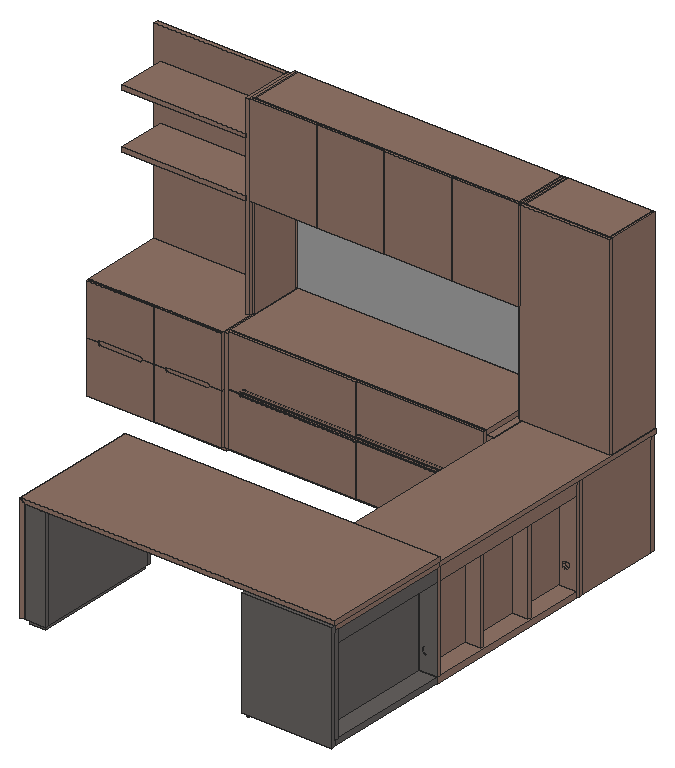
Revit family "T100046", category Furniture, Revit 2022 (continued)
Definition of nested family "OFS SLATE TACKBOARDS"
  Types (18): name | Width | Model | Height | Description | 2 Piece | 1 Piece
    Tackboard 108W x 25D | 9' - 0" | "CA-10825HFT" | 2' - 1" | "OFS SLATE Inside Back Panel, Fabric Tackboard, 104.50W x 25D x 0,5H, Slate Private Office" | yes | no
    Tackboard 102W x 25D | 8' - 6" | "CA-10225HFT" | 2' - 1" | "OFS SLATE Inside Back Panel, Fabric Tackboard, 98.50W x 25D x 0,5H, Slate Private Office" | yes | no
    Tackboard 96W x 25D | 8' - 0" | "CA-9625HFT" | 2' - 1" | "OFS SLATE Inside Back Panel, Fabric Tackboard, 92.50W x 25D x 0,5H, Slate Private Office" | no | yes
    Tackboard 90W x 25D | 7' - 6" | "CA-9025HFT" | 2' - 1" | "OFS SLATE Inside Back Panel, Fabric Tackboard, 86.50W x 25D x 0,5H, Slate Private Office" | no | yes
    Tackboard 84W x 25D | 7' - 0" | "CA-8425HFT" | 2' - 1" | "OFS SLATE Inside Back Panel, Fabric Tackboard, 80.50W x 25D x 0,5H, Slate Private Office" | no | yes
    Tackboard 78W x 25D | 6' - 6" | "CA-7825HFT" | 2' - 1" | "OFS SLATE Inside Back Panel, Fabric Tackboard, 74.50W x 25D x 0,5H, Slate Private Office" | no | yes
    Tackboard 72W x 25D | 6' - 0" | "CA-7225HFT" | 2' - 1" | "OFS SLATE Inside Back Panel, Fabric Tackboard, 68.50W x 25D x 0,5H, Slate Private Office" | no | yes
    Tackboard 66W x 25D | 5' - 6" | "CA-6625HFT" | 2' - 1" | "OFS SLATE Inside Back Panel, Fabric Tackboard, 62.50W x 25D x 0,5H, Slate Private Office" | no | yes
    Tackboard 60W x 25D | 5' - 0" | "CA-6025HFT" | 2' - 1" | "OFS SLATE Inside Back Panel, Fabric Tackboard, 56.50W x 25D x 0,5H, Slate Private Office" | no | yes
    Tackboard 108W x 19D | 9' - 0" | "CA-10819HFT" | 1' - 7" | "OFS SLATE Inside Back Panel, Fabric Tackboard, 104.50W x 19D x 0,5H, Slate Private Office" | yes | no
    Tackboard 102W x 19D | 8' - 6" | "CA-10219HFT" | 1' - 7" | "OFS SLATE Inside Back Panel, Fabric Tackboard, 98.50W x 19D x 0,5H, Slate Private Office" | yes | no
    Tackboard 96W x 19D | 8' - 0" | "CA-9619HFT" | 1' - 7" | "OFS SLATE Inside Back Panel, Fabric Tackboard, 92.50W x 19D x 0,5H, Slate Private Office" | no | yes
    Tackboard 90W x 19D | 7' - 6" | "CA-9019HFT" | 1' - 7" | "OFS SLATE Inside Back Panel, Fabric Tackboard, 86.50W x 19D x 0,5H, Slate Private Office" | no | yes
    Tackboard 84W x 19D | 7' - 0" | "CA-8419HFT" | 1' - 7" | "OFS SLATE Inside Back Panel, Fabric Tackboard, 80.50W x 19D x 0,5H, Slate Private Office" | no | yes
    Tackboard 78W x 19D | 6' - 6" | "CA-7819HFT" | 1' - 7" | "OFS SLATE Inside Back Panel, Fabric Tackboard, 74.50W x 19D x 0,5H, Slate Private Office" | no | yes
    Tackboard 72W x 19D | 6' - 0" | "CA-7219HFT" | 1' - 7" | "OFS SLATE Inside Back Panel, Fabric Tackboard, 68.50W x 19D x 0,5H, Slate Private Office" | no | yes
    Tackboard 66W x 19D | 5' - 6" | "CA-6619HFT" | 1' - 7" | "OFS SLATE Inside Back Panel, Fabric Tackboard, 62.50W x 19D x 0,5H, Slate Private Office" | no | yes
    Tackboard 60W x 19D | 5' - 0" | "CA-6019HFT" | 1' - 7" | "OFS SLATE Inside Back Panel, Fabric Tackboard, 56.50W x 19D x 0,5H, Slate Private Office" | no | yes
  Reference planes (in)
    plane 1 "Center (Front/Back)": y = 0
    plane 2: z = 0
    plane 3 "Center (Left/Right)": x = 0
    plane 4: x = 51
    plane 5: x = 1.8125
    plane 6: x = 100.1875
    plane 7: x = 102
    plane 8: z = 30.5
    plane 9: z = 49.5
  Forms (in)
    Extrusion 1, solid, material <- "Board", visible <- "1 Piece"
      sketch origin (1.8125, -1.1875, 47.24409) x (0, -1, 0) y (0, 0, 1)
        loop
          line (-0.4375, 2.25591) -> (-0.4375, -16.74409) -> (0, -16.74409) -> (0, 2.25591) -> (-0.4375, 2.25591)
      from 0 to -98.375
    Extrusion 2, solid, material <- "Board", visible <- "2 Piece"
      sketch origin (1.8125, -1.1875, 47.24409) x (0, -1, 0) y (0, 0, 1)
        loop
          line (-0.4375, 2.25591) -> (-0.4375, -16.74409) -> (0, -16.74409) -> (0, 2.25591) -> (-0.4375, 2.25591)
      from 0 to -49.1875
    Extrusion 3, solid, material <- "Board", visible <- "2 Piece"
      sketch origin (58.1875, -1.1875, 47.24409) x (0, -1, 0) y (0, 0, -1)
        loop
          line (-0.4375, -2.25591) -> (0, -2.25591) -> (0, 16.74409) -> (-0.4375, 16.74409) -> (-0.4375, -2.25591)
      from 42 to -7.1875
  Lines and regions (in)
    Masking region 1
      outline origin (71.16612, -60, 49.5) x (0, -1, 0) y (1, 0, 0)
        loop
          line (-59.25, -69.35362) -> (-58.8125, -69.35362) -> (-58.8125, 29.02138) -> (-59.25, 29.02138) -> (-59.25, -69.35362)
    symbolic lines, visible <- "2 Piece", detail levels medium+fine
      curve 1: line (51, -1.1875, 49.5) -> (51, -0.75, 49.5)
  Dimensions and locks (in)
    locked: plane 3 "Center (Left/Right)" to plane 5 at 1.8125
    locked: plane 6 to plane 7 at 1.8125
    "Width": plane 3 "Center (Left/Right)" to plane 7
    equal spacing: plane 5, plane 4, plane 6
    "Elevation": plane 8 to level
    "Height": plane 9 to plane 8
    aligned and locked: level to plane 2
    aligned and locked: plane 8 to Extrusion 1 sketch curve
    aligned and locked: plane 9 to Extrusion 1 sketch curve
    aligned and locked: plane 6 to Extrusion 1
    aligned and locked: Extrusion 2 sketch curve to Extrusion 1  (x2)
    aligned and locked: Extrusion 2 to plane 4
    aligned and locked: plane 4 to Extrusion 3
    aligned and locked: plane 6 to Extrusion 3
    aligned and locked: plane 9 to Extrusion 3 sketch curve
    aligned and locked: plane 8 to Extrusion 3 sketch curve
    aligned and locked: nested 1 to Extrusion 3
    aligned and locked: plane 4 to nested 1
    aligned and locked: Masking region 1 sketch curve to Extrusion 1  (x2)
    aligned and locked: plane 4 to curve 1
  Automatic sketch dimensions
    plane 1 "Center (Front/Back)" to Extrusion 1 sketch curve = 0' - 0 3/4"
    Extrusion 1 sketch curve to Extrusion 1 sketch curve = 0' - 0 7/16"
    plane 1 "Center (Front/Back)" to Extrusion 2 sketch curve = 0' - 0 3/4"
    Extrusion 2 sketch curve to Extrusion 2 sketch curve = 0' - 0 7/16"
    plane 1 "Center (Front/Back)" to Extrusion 3 sketch curve = 0' - 0 3/4"
    Extrusion 3 sketch curve to Extrusion 3 sketch curve = 0' - 0 7/16"
    plane 1 "Center (Front/Back)" to Masking region 1 sketch curve = 0' - 0 3/4"
    Masking region 1 sketch curve to Masking region 1 sketch curve = 0' - 0 7/16"
    plane 1 "Center (Front/Back)" to curve 1 = 0' - 0 3/4"
    plane 1 "Center (Front/Back)" to curve 1 = 0' - 1 3/16"
  Nested families (in)
    nested 1: "Tag" at (51, -1.1875, 0), type "Center", detail levels fine
      with Offset (LR) 0' - 0", Distance of Center (not Change) 0' - 0.11"
  Definition of nested family "Tag"
    Parameters
      P_Width = 0' - 0"
      Text_Width = "Empty"
      Text_Height = "Empty"
      Text_Diameter = "Empty"
      Text_Depth = "Empty"
      Offset (LR) [instance] = 0' - 0"
      Model Name = "Type Catalog"
      P_Height = 0' - 0"
      Distance of Center (not Change) = 0' - 0.1"
      P_Diameter = 0' - 0"
      P_Depth = 0' - 0"
    Reference planes (in)
      plane 1: y = 0
      plane 2: x = 0
    Lines and regions (in)
      reference lines
        curve 1: line (-0.44359, 0.1, 0) -> (0.41085, 0.1, 0)
        curve 3: line (0, 0.42564, 0) -> (0, -0.30221, 0)
      reference lines, not visible
        curve 2: line (-0.44359, 0.09843, 0) -> (0.41085, 0.09843, 0)
        curve 4: line (0, 0.42407, 0) -> (0, -0.30379, 0)
    Text (in)
      label "Empty" at (0.00197, 0.0921, 0), shows "Model Name"
      label "Empty" at (0.00197, 0.09052, 0), shows "Model Name", not visible
    Dimensions and locks (in)
      "Distance of Center (not Change)": plane 1 to curve 1
      "Offset (LR)": curve 3 to plane 2
    Automatic sketch dimensions
      curve 1 to curve 3 = 0' - 0.44359"
      curve 3 to curve 1 = 0' - 0.41085"
      curve 3 to curve 1 = 0' - 0.40221"
      curve 1 to curve 3 = 0' - 0.32564"
      curve 2 to curve 4 = 0' - 0.44359"
      curve 4 to curve 2 = 0' - 0.41085"
      curve 4 to curve 2 = 0' - 0.40221"
      curve 2 to curve 4 = 0' - 0.32564"
Definition of nested family "OFS SLATE CREDENZAS"
  Parameters (values of type "108"W Overlay Lateral File")
    Width = 9' - 0"
    URL = "http://www.ofs.com/"
    Type = 4
    Top [instance] = none
    Panel [instance] = none
    Model = "CA-A10825CLF6"
    Manufacturer = "CAROLINA"
    Glides [instance] = none
    Drawers [instance] = none
    Description = "OFS SLATE Credenza Overlay Lateral File 6 Drawers, 108W x 25.50D x 20.5H, Slate Private Office"
    Default Elevation = 0' - 0"
    Copyright © = "© 2019 OFS"
    Catalog = "https://ofs.com/products/casegoods/private-office/slate"
    Case [instance] = none
    Base [instance] = none
    Authoring Version = "Autodesk Revit Architecture 2014"
    Assembly Code = "E2020200"
  Types (19): name | Width | Type | Model | Description
    108"W Overlay Lateral File/Doors | 9' - 0" | 5 | "CA-A10825CLFC4" | "OFS SLATE Credenza Overlay Lateral File/Doors 4 Drawers, 108W x 25.50D x 30.5H, Slate Private Office"
    90"W Overlay Lateral File/Doors | 7' - 6" | 5 | "CA-A9025CLFC4" | "OFS SLATE Credenza Overlay Lateral File/Doors 4 Drawers, 90W x 25.50D x 30.5H, Slate Private Office"
    72"W Overlay Lateral File/Doors | 6' - 0" | 5 | "CA-A7225CLFC2" | "OFS SLATE Credenza Overlay Lateral File/Doors 2 Drawers, 72W x 25.50D x 30.5H, Slate Private Office"
    60"W Overlay Lateral File/Doors | 5' - 0" | 5 | "CA-A6025CLFC2" | "OFS SLATE Credenza Overlay Lateral File/Doors 2 Drawers, 60W x 25.50D x 30.5H, Slate Private Office"
    108"W Overlay Lateral File | 9' - 0" | 4 | "CA-A10825CLF6" | "OFS SLATE Credenza Overlay Lateral File 6 Drawers, 108W x 25.50D x 20.5H, Slate Private Office"
    90"W Overlay Lateral File | 7' - 6" | 4 | "CA-A9025CLF6" | "OFS SLATE Credenza Overlay Lateral File 6 Drawers, 90W x 25.50D x 20.5H, Slate Private Office"
    72"W Overlay Lateral File | 6' - 0" | 4 | "CA-A7225CLF4" | "OFS SLATE Credenza Overlay Lateral File 4 Drawers, 72W x 25.50D x 20.5H, Slate Private Office"
    60"W Overlay Lateral File | 5' - 0" | 4 | "CA-A6025CLF4" | "OFS SLATE Credenza Overlay Lateral File 4 Drawers, 60W x 25.50D x 20.5H, Slate Private Office"
    36"W Overlay Lateral File | 3' - 0" | 4 | "CA-A3625CLF2" | "OFS SLATE Credenza Overlay Lateral File 2 Drawers, 36W x 25.50D x 20.5H, Slate Private Office"
    30"W Overlay Lateral File | 2' - 6" | 4 | "CA-A3025CLF2" | "OFS SLATE Credenza Overlay Lateral File 2 Drawers, 30W x 25.50D x 20.5H, Slate Private Office"
    72"W Lateral File/Cabinet | 6' - 0" | 3 | "CA-7224CLFC2-2" | "OFS SLATE Credenza Lateral File/Babinet, 72W x 24.75D x 29,25H, Slate Private Office"
    66"W Lateral File/Cabinet | 5' - 6" | 3 | "CA-6624CLFC2-2" | "OFS SLATE Credenza Lateral File/Babinet, 66W x 24.75D x 29,25H, Slate Private Office"
    72"W Lateral File | 6' - 0" | 2 | "CA-7224CLF4-2" | "OFS SLATE Credenza Lateral File, 72W x 24.75D x 29,25H, Slate Private Office"
    60"W Lateral File | 5' - 0" | 2 | "CA-6024CLF4-2" | "OFS SLATE Credenza Lateral File, 60W x 24.75D x 29,25H, Slate Private Office"
    36"W Lateral File | 3' - 0" | 2 | "CA-3624CLF2-2" | "OFS SLATE Credenza Lateral File, 36W x 24.75D x 29,25H, Slate Private Office"
    30"W Lateral File | 2' - 6" | 2 | "CA-3024CLF2-2" | "OFS SLATE Credenza Lateral File, 30W x 24.75D x 29,25H, Slate Private Office"
    72"W Double Pedestal | 6' - 0" | 1 | "CA-7224CR-2" | "OFS SLATE Credenza Double Pedestal, 72W x 24.75D x 29,25H, Slate Private Office"
    66"W Double Pedestal | 5' - 6" | 1 | "CA-6624CR-2" | "OFS SLATE Credenza Double Pedestal, 66W x 24.75D x 29,25H, Slate Private Office"
    60"W Double Pedestal | 5' - 0" | 1 | "CA-6024CR-2" | "OFS SLATE Credenza Double Pedestal, 60W x 24.75D x 29,25H, Slate Private Office"
  Reference planes (in)
    plane 1 "Center (Front/Back)": y = 0
    plane 2: z = 0
    plane 3 "Center (Left/Right)": x = 0
    plane 4: x = 108
    plane 5: y = -24.83728
    plane 6: x = 54
  Dimensions and locks (in)
    "Width": plane 3 "Center (Left/Right)" to plane 4
    equal spacing: plane 3 "Center (Left/Right)", plane 6, plane 4
    aligned and locked: level to plane 2
    aligned and locked: plane 6 to nested 1
    aligned and locked: plane 5 to nested 1
  Nested families (in)
    nested 1: "Tag" at (54, -24.83728, 0), type "Center", detail levels fine
      with Offset (LR) 0' - 0", Distance of Center (not Change) 0' - 0.12"
    nested 2: "OFS_Slate Private Office_Credenzas_Double Pedestal" at (0, 0, 0), Top <- "Top", Panel <- "Panel", Glides <- "Glides", Drawers <- "Drawers", Case <- "Case", Base <- "Base", Width <- "Width", Type <- "Type", type "OFS_Slate Private Office_Credenzas_Double Pedestal"
      with Width 1 9' - 0", Width 9' - 0", Type 4, Top none, Panel none, Glides none, Drawers none, Double Pedestal no, Case none, Base none
    nested 3: "OFS_Slate Private Office_Credenzas_Lateral File Cabinet" at (0, 0, 0), Top <- "Top", Glides <- "Glides", Drawers <- "Drawers", Case <- "Case", Base <- "Base", Width <- "Width", type "OFS_Slate Private Office_Credenzas_Lateral File Cabinet"
      with Width 1 9' - 0", Width 9' - 0", Top none, Length 2' - 4.755", Glides none, Drawers none, Case none, Base none, Type 4, Lateral File/Cabinet no
    nested 4: "OFS_Slate Private Office_Credenzas_Lateral File" at (0, 0, 0), Top <- "Top", Glides <- "Glides", Drawers <- "Drawers", Case <- "Case", Base <- "Base", Width <- "Width", type "OFS_Slate Private Office_Credenzas_Lateral File"
      with Width 9' - 0", Top none, Length 3 9' - 3", Length 2 2' - 4.692", Length 1 4' - 6", Glides none, Drawers none, Case none, Base none, Type 4, Lateral File no
    nested 5: "OFS_Slate Private Office_Credenzas_Overlay Lateral File Doors" at (0, 0, 0), Top <- "Top", Panel <- "Panel", Glides <- "Glides", Drawers <- "Drawers", Case <- "Case", Base <- "Base", Width <- "Width", type "OFS_Slate Private Office_Credenzas_Overlay Lateral File Doors"
      with Width 1 9' - 0", Width 9' - 0", Top none, Panel none, Length 2 1' - 5 7/8", Length 1 2' - 3.005", Lateral Drawers no, Glides none, Drawers none, Case none, Base none, 4 Drawers no, 2 Drawers no, Type 4, Overlay Lateral File no
    nested 6: "OFS_Slate Private Office_Credenzas_Overlay Lateral File" at (0, 0, 0), Top <- "Top", Panel <- "Panel", Glides <- "Glides", Drawers <- "Drawers", Case <- "Case", Base <- "Base", Width <- "Width", type "OFS_Slate Private Office_Credenzas_Overlay Lateral File"
      with Width 9' - 0", Top none, Panel none, Length 2 1' - 5 7/8", Length 1 2' - 3.005", Glides none, Drawers none, Case none, Base none, 6 Drawers yes, 4 Drawers no, 2 Drawers no
  Definition of nested family "OFS_Slate Private Office_Credenzas_Overlay Lateral File"
    Parameters
      Width [instance] = 2' - 6"
      URL = "http://www.ofsbrands.com/"
      Type = 4
      Top [instance] = none
      Panel [instance] = none
      Model = "Type Catalog"
      Manufacturer = "OFS BRANDS"  # constant formula
      Length 2 [instance] = if(and(Type = 4, Width < 5' 0"), 0' 0.063", 1' 5 7/8")  # 0' - 0.063"
      Length 1 [instance] = if(and(Type = 4, Width = 2' 6"), 1' 7.255", if(and(Type = 4, Width = 3' 0"), 2' 1.255", if(and(Type = 4, Width = 5' 0"), 1' 1.255", if(and(Type = 4, Width = 6' 0"), 2' 1.255", if(and(Type = 4, Width = 7' 6"), 1' 6.005", 2' 3.005")))))  # 1' - 7.255"
      Overlay Lateral File = Type = 4  # yes
      Glides [instance] = none
      Drawers [instance] = none
      Description = "Type Catalog"
      Default Elevation = 0' - 0"
      Copyright © = "© 2016 OFS BRANDS"  # constant formula
      Catalog = "OFS"  # constant formula
      Case [instance] = none
      Base [instance] = none
      Authoring Version = "Autodesk Revit Architecture 2014"  # constant formula
      Assembly Code = "E2020200"
      6 Drawers [instance] = and(Type = 4, Width > 6' 0")  # no
      4 Drawers [instance] = and(Type = 4, Width > 3' 0", Width < 7' 6")  # no
      2 Drawers [instance] = and(Type = 4, Width < 5' 0")  # yes
    Reference planes (in)
      plane 1 "Center (Front/Back)": y = 0
      plane 2: z = 0
      plane 3 "Center (Left/Right)": x = 0
      plane 4: x = 29.25
      plane 5: x = 30
      plane 6: x = 0.75
      plane 7: y = -24
      plane 8: y = -25.58661
      plane 9: y = -23.125
      plane 10: x = 0.125
      plane 11: x = 29.875
      plane 12: z = 0.45
      plane 13: z = 30.3875
      plane 14: y = -1.38677
      plane 15: y = -21.25
      plane 16: y = -11.5625
      plane 17: x = 15
      plane 18: x = 1.8755
      plane 19: x = 28.1245
      plane 20: x = 1.8125
      plane 21: x = 28.1875
      plane 22: x = 28.0625
      plane 23: x = 10.60417
      plane 24: x = 19.39583
    Forms (in)
      Revolve 1, solid, material <- "Glides", visible <- "Overlay Lateral File"
        sketch origin (1.0178, -1.38677, 47.24409) x (-1, 0, 0) y (0, 0, 1)
          loop
            line (0.04905, -46.79409) -> (0.04905, -47.24409) -> (0.29405, -47.24409)
            arc (0.29405, -47.24409) -> (0.42215, -47.13626) -> (0.33773, -46.99165) r 0.13
            line (0.33773, -46.99165) -> (0.29905, -46.99165) -> (0.29905, -46.79409) -> (0.04905, -46.79409)
          axis (0.04905, -46.79409) -> (0.04905, -47.24409)
        angle from 0 to 360
      Revolve 2, solid, material <- "Glides", visible <- "Overlay Lateral File"
        sketch origin (70.9822, -1.38677, 47.24409) x (1, 0, 0) y (0, 0, -1)
          loop
            line (-41.95095, 46.79409) -> (-41.70095, 46.79409) -> (-41.70095, 46.99165) -> (-41.66227, 46.99165)
            arc (-41.66227, 46.99165) -> (-41.57785, 47.13626) -> (-41.70595, 47.24409) r 0.13
            line (-41.70595, 47.24409) -> (-41.95095, 47.24409) -> (-41.95095, 46.79409)
          axis (-41.95095, 46.79409) -> (-41.95095, 47.24409)
        angle from 0 to 360
      Revolve 3, solid, material <- "Glides", visible <- "Overlay Lateral File"
        sketch origin (1.0178, -21.25, 47.24409) x (-1, 0, 0) y (0, 0, 1)
          loop
            line (-28.01344, -46.79409) -> (-28.26344, -46.79409) -> (-28.26344, -46.99165) -> (-28.30212, -46.99165)
            arc (-28.30212, -46.99165) -> (-28.38654, -47.13626) -> (-28.25844, -47.24409) r 0.13
            line (-28.25844, -47.24409) -> (-28.01344, -47.24409) -> (-28.01344, -46.79409)
          axis (-28.01344, -46.79409) -> (-28.01344, -47.24409)
        angle from 0 to 360
      Revolve 4, solid, material <- "Glides", visible <- "Overlay Lateral File"
        sketch origin (1.0178, -21.25, 47.24409) x (-1, 0, 0) y (0, 0, 1)
          loop
            line (0.04905, -46.79409) -> (0.04905, -47.24409) -> (0.29405, -47.24409)
            arc (0.29405, -47.24409) -> (0.42215, -47.13626) -> (0.33773, -46.99165) r 0.13
            line (0.33773, -46.99165) -> (0.29905, -46.99165) -> (0.29905, -46.79409) -> (0.04905, -46.79409)
          axis (0.04905, -46.79409) -> (0.04905, -47.24409)
        angle from 0 to 360
      Sweep 5, solid, material <- "Panel", visible <- "Overlay Lateral File"
        path origin (-60.07556, -60, 0.45) x (-1, 0, 0) y (0, -1, 0)
          loop
            line (-90.07556, -36.875) -> (-60.07556, -36.875)
        profile origin (15, -23.125, 0.45) x (0, -1, 0) y (0, 0, 1)
          loop
            line (-0.75, 0) -> (0, 0) -> (0, 1.25) -> (-0.75, 1.25) -> (-0.75, 0)
      Extrusion 6, solid, material <- "Case", visible <- "Overlay Lateral File"
        sketch origin (0, 0, 0) x (0, 1, 0) y (0, 0, 1)
          loop
            line (0, 29.2) -> (-0.76133, 29.2) -> (-0.76133, 0.45) -> (0, 0.45) -> (0, 29.2)
        from 1.9375 to 28.0625
      Extrusion 7, solid, material <- "Panel", visible <- "Overlay Lateral File"
        sketch origin (0, 0, 0) x (1, 0, 0) y (0, 0, 1)
          loop
            line (0, 29.2) -> (0, 1.7) -> (1.9375, 1.7) -> (1.9375, 29.2) -> (0, 29.2)
          loop
            line (28.0625, 29.2) -> (28.0625, 1.7) -> (30, 1.7) -> (30, 29.2) -> (28.0625, 29.2)
        from 0 to 24.75
      Extrusion 8, solid, material <- "Base", visible <- "Overlay Lateral File"
        sketch origin (-3.76383, -25.58661, 47.24409) x (-1, 0, 0) y (0, 0, 1)
          loop
            line (-5.70133, -44.79409) -> (-31.82633, -44.79409) -> (-31.82633, -45.54409) -> (-5.70133, -45.54409) -> (-5.70133, -44.79409)
        from 0.83661 to 24.83661
      Extrusion 9, solid, material <- "Top", visible <- "Overlay Lateral File"
        sketch origin (1.8125, -27.03977, 47.24409) x (0, -1, 0) y (0, 0, 1)
          loop
            line (-26.28977, -16.85659) -> (-26.28977, -18.0441) -> (-2.28977, -18.0441) -> (-2.28977, -16.85659) -> (-26.28977, -16.85659)
        from 0 to -26.375
      Extrusion 10, solid, material <- "Panel", visible <- "Overlay Lateral File"
        sketch origin (-60.07556, -60, 0.45) x (-1, 0, 0) y (0, -1, 0)
          loop
            line (-62.01306, -38.8125) -> (-62.01306, -60) -> (-60.07556, -60) -> (-60.07556, -36.875) -> (-62.01306, -38.8125)
          loop
            line (-88.13806, -38.8125) -> (-90.07556, -36.875) -> (-90.07556, -60) -> (-88.13806, -60) -> (-88.13806, -38.8125)
        from 0 to 1.25
      Sweep 11, void
        path origin (-3.76383, -25.58661, 47.24409) x (-1, 0, 0) y (0, 0, 1)
          loop
            line (-9.13633, -29.82608) -> (-28.39133, -29.82608)
            arc (-28.39133, -29.82608) -> (-29.2031, -30.63785) -> (-28.39133, -31.44961) r 0.81176
            line (-28.39133, -31.44961) -> (-9.13633, -31.44961)
            arc (-9.13633, -31.44961) -> (-8.32457, -30.63785) -> (-9.13633, -29.82608) r 0.81176
        profile origin (15, -25.58661, 17.41801) x (0, 0, -1) y (0, 1, 0)
          loop
            line (0.74926, 0) -> (0.74926, 0.59375) -> (0.23364, 0.59375)
            arc (0.23364, 0.59375) -> (0.00071, 0.38112) -> (0.19126, 0.12981) r 0.2339
            arc (0.19126, 0.12981) -> (0.23287, 0.10547) -> (0.24927, 0.06015) r 0.07084
            line (0.24927, 0.06015) -> (0.24927, 0) -> (0.74926, 0)
      Extrusion 12, solid, material <- "Drawers", visible <- "2 Drawers"
        sketch origin (15, -60, -12) x (0, 0, -1) y (0, -1, 0)
          loop
            line (-42.325, -35.16339) -> (-28.66875, -35.16339) -> (-28.66875, -34.41339) -> (-42.325, -34.41339) -> (-42.325, -35.16339)
          loop
            line (-13.7, -35.16339) -> (-13.7, -34.41339) -> (-28.54375, -34.41339) -> (-28.54375, -35.16339) -> (-13.7, -35.16339)
        from -13.0625 to 13.0625
      Extrusion 13, solid, material <- "Drawers", visible <- "4 Drawers"
        sketch origin (-3.76383, -25.58661, 47.24409) x (-1, 0, 0) y (0, 0, 1)
          loop
            line (-5.70133, -16.9191) -> (-18.70133, -16.9191) -> (-18.70133, -30.57535) -> (-5.70133, -30.57535) -> (-5.70133, -16.9191)
          loop
            line (-5.70133, -44.79409) -> (-5.70133, -30.70035) -> (-18.70133, -30.70035) -> (-18.70133, -44.79409) -> (-5.70133, -44.79409)
          loop
            line (-18.82633, -16.9191) -> (-31.82633, -16.9191) -> (-31.82633, -30.57535) -> (-18.82633, -30.57535) -> (-18.82633, -16.9191)
          loop
            line (-18.82633, -44.79409) -> (-18.82633, -30.70035) -> (-31.82633, -30.70035) -> (-31.82633, -44.79409) -> (-18.82633, -44.79409)
        from 0 to 0.75
      Extrusion 14, solid, material <- "Drawers", visible <- "6 Drawers"
        sketch origin (-3.76383, -25.58661, 47.24409) x (-1, 0, 0) y (0, 0, 1)
          loop
            line (-5.70133, -16.9191) -> (-14.3055, -16.9191) -> (-14.3055, -30.57535) -> (-5.70133, -30.57535) -> (-5.70133, -16.9191)
          loop
            line (-5.70133, -30.70035) -> (-14.3055, -30.70035) -> (-14.3055, -44.79409) -> (-5.70133, -44.79409) -> (-5.70133, -30.70035)
          loop
            line (-23.09717, -16.9191) -> (-23.09717, -30.57535) -> (-14.4305, -30.57535) -> (-14.4305, -16.9191) -> (-23.09717, -16.9191)
          loop
            line (-23.09717, -30.70035) -> (-23.09717, -44.79409) -> (-14.4305, -44.79409) -> (-14.4305, -30.70035) -> (-23.09717, -30.70035)
          loop
            line (-31.82633, -16.9191) -> (-31.82633, -30.57535) -> (-23.22217, -30.57535) -> (-23.22217, -16.9191) -> (-31.82633, -16.9191)
          loop
            line (-31.82633, -30.70035) -> (-31.82633, -44.79409) -> (-23.22217, -44.79409) -> (-23.22217, -30.70035) -> (-31.82633, -30.70035)
        from 0 to 0.75
    Cuts and joins
      joined: Revolve 1, Revolve 2, Revolve 3, Revolve 4
      joined: Sweep 5, Extrusion 10
      Sweep 11 cuts Extrusion 12
      Sweep 11 cuts Extrusion 13
      Sweep 11 cuts Extrusion 14
    Lines and regions (in)
      Masking region 1, visible <- "Overlay Lateral File"
        outline origin (77.82463, -60, 30.3875) x (0, -1, 0) y (1, 0, 0)
          loop
            line (-60, -77.82463) -> (-34.41339, -77.82463) -> (-34.41339, -47.82463) -> (-60, -47.82463) -> (-60, -77.82463)
    Dimensions and locks (in)
      "Width": plane 3 "Center (Left/Right)" to plane 5
      equal spacing: plane 3 "Center (Left/Right)", plane 17, plane 5
      locked: Extrusion 7 sketch curve to plane 3 "Center (Left/Right)" at 1.9375
      locked: plane 20 to Extrusion 8 sketch curve at 0.125
      Extrusion 10 sketch curve to Extrusion 10 sketch curve to plane 9 = 0' - 0" locked, 0' - 1 15/16" locked
      locked: plane 3 "Center (Left/Right)" to Extrusion 10 sketch curve at 1.9375
      plane 3 "Center (Left/Right)" to plane 10 to plane 6 to plane 20 = 0' - 0 1/8" locked, 0' - 0 5/8" locked, 0' - 1 1/16" locked
      plane 22 to plane 21 to plane 4 to plane 11 to plane 5 = 0' - 0 1/8" locked, 0' - 1 1/16" locked, 0' - 0 5/8" locked, 0' - 0 1/8" locked
      "Length 2": plane 20 to plane 18
      "Length 2": plane 19 to plane 21
      Extrusion 13 sketch curve to plane 17 to Extrusion 13 sketch curve = 0' - 0 1/16" locked, 0' - 0 1/16" locked
      locked: Sweep 11 sketch curve to plane 3 "Center (Left/Right)" at 5.3725
      locked: Sweep 11 sketch curve to plane 5 at 5.3725
      equal spacing: plane 20, plane 23, plane 24, plane 21
      Extrusion 14 sketch curve to plane 23 to Extrusion 14 sketch curve = 0' - 0 1/16" locked, 0' - 0 1/16" locked
      Extrusion 14 sketch curve to plane 24 to Extrusion 14 sketch curve = 0' - 0 1/16" locked, 0' - 0 1/16" locked
      aligned and locked: level to plane 2
      aligned and locked: plane 9 to Sweep 5 sketch curve
      aligned and locked: plane 21 to Extrusion 9
      aligned and locked: Extrusion 6 to plane 22
      aligned and locked: Extrusion 7 sketch curve to plane 22
      aligned and locked: Extrusion 10 sketch curve to plane 22
      aligned and locked: plane 5 to Extrusion 10 sketch curve
      aligned and locked: plane 9 to Extrusion 10 sketch curve  (x2)
      aligned and locked: Extrusion 10 sketch curve to plane 3 "Center (Left/Right)"
      aligned and locked: plane 22 to Extrusion 8 sketch curve
      aligned and locked: Masking region 1 sketch curve to Extrusion 7
      aligned and locked: Extrusion 7 to Extrusion 12
      aligned and locked: Extrusion 12 to plane 22
      aligned and locked: Extrusion 13 sketch curve to Extrusion 6
      aligned and locked: Extrusion 13 sketch curve to cut or joined group of Sweep 11, Extrusion 12
      aligned and locked: Extrusion 13 sketch curve to Extrusion 13 sketch curve
      aligned and locked: plane 22 to Extrusion 13 sketch curve
      aligned and locked: Extrusion 14 sketch curve to cut or joined group of Sweep 11, Extrusion 13
      aligned and locked: Extrusion 14 sketch curve to Extrusion 14 sketch curve  (x6)
      aligned and locked: Extrusion 14 sketch curve to plane 22
    Automatic sketch dimensions
      Revolve 1 sketch curve to plane 12 = 0' - 0"
      Revolve 1 sketch curve to level = 0' - 0"  (x2)
      Revolve 1 sketch curve to plane 6 = 0' - 0 7/32"
      plane 6 to Revolve 1 sketch curve = 0' - 0.02625"
      plane 6 to Revolve 1 sketch curve = 0' - 0 1/32"
      Revolve 1 sketch curve to Revolve 1 sketch curve = 0' - 0.03868"
      level to Revolve 1 sketch curve = 0' - 0.13"
      Revolve 1 sketch curve to Revolve 1 sketch curve = 0' - 0"
      Revolve 1 sketch curve to level = 0' - 0.09316"
      Revolve 2 sketch curve to plane 12 = 0' - 0"
      Revolve 2 sketch curve to level = 0' - 0"  (x2)
      Revolve 2 sketch curve to plane 4 = 0' - 0 7/32"
      plane 4 to Revolve 2 sketch curve = 0' - 0.02625"
      plane 4 to Revolve 2 sketch curve = 0' - 0 1/32"
      Revolve 2 sketch curve to Revolve 2 sketch curve = 0' - 0.03868"
      Revolve 2 sketch curve to plane 12 = 0' - 0.19756"
      Revolve 2 sketch curve to Revolve 2 sketch curve = 0' - 0"
      Revolve 2 sketch curve to Revolve 2 sketch curve = 0' - 0.09316"
      Revolve 3 sketch curve to plane 12 = 0' - 0"
      Revolve 3 sketch curve to level = 0' - 0"  (x2)
      plane 4 to Revolve 3 sketch curve = 0' - 0.06992"
      plane 4 to Revolve 3 sketch curve = 0' - 0 1/32"
      plane 4 to Revolve 3 sketch curve = 0' - 0.02625"
      Revolve 3 sketch curve to plane 4 = 0' - 0 7/32"
      level to Revolve 3 sketch curve = 0' - 0.13"
      Revolve 3 sketch curve to Revolve 3 sketch curve = 0' - 0"
      Revolve 3 sketch curve to Revolve 3 sketch curve = 0' - 0.09316"
      Revolve 4 sketch curve to plane 12 = 0' - 0"
      Revolve 4 sketch curve to level = 0' - 0"  (x2)
      Revolve 4 sketch curve to plane 6 = 0' - 0 7/32"
      plane 6 to Revolve 4 sketch curve = 0' - 0.02625"
      plane 6 to Revolve 4 sketch curve = 0' - 0 1/32"
      Revolve 4 sketch curve to Revolve 4 sketch curve = 0' - 0.03868"
      Revolve 4 sketch curve to Revolve 4 sketch curve = 0' - 0.13"
      Revolve 4 sketch curve to Revolve 4 sketch curve = 0' - 0"
      Revolve 4 sketch curve to level = 0' - 0.09316"
      Extrusion 6 sketch curve to plane 12 = 0' - 0"
      Extrusion 6 sketch curve to plane 1 "Center (Front/Back)" = 0' - 0"
      plane 14 to Extrusion 6 sketch curve = 0' - 0.62544"
      plane 13 to Extrusion 6 sketch curve = 0' - 1 3/16"
      plane 12 to Extrusion 8 sketch curve = 0' - 1 1/4"
      Extrusion 8 sketch curve to Extrusion 8 sketch curve = 0' - 0 3/4"
      plane 13 to Extrusion 9 sketch curve = 0' - 0"
      plane 14 to Extrusion 9 sketch curve = 0' - 0.63677"
      Extrusion 9 sketch curve to plane 7 = 0' - 0 3/4"
      plane 13 to Extrusion 9 sketch curve = 0' - 1 3/16"
      plane 1 "Center (Front/Back)" to Extrusion 10 sketch curve = 0' - 0"  (x2)
      Sweep 11 sketch curve to plane 8 = 0' - 0"
      plane 8 to Sweep 11 sketch curve = 0' - 0.06015"
      Sweep 11 sketch curve to profile plane = 0' - 0.17843"
      Sweep 11 sketch curve to profile plane = 0' - 0.23364"
      Sweep 11 sketch curve to Sweep 11 sketch curve = 0' - 0.07084"
      Sweep 11 sketch curve to Sweep 11 sketch curve = 0' - 0 33/64"
      Sweep 11 sketch curve to Sweep 11 sketch curve = 0' - 0.2997"
      Sweep 11 sketch curve to Sweep 11 sketch curve = 0' - 0.2339"
      Extrusion 12 sketch curve to plane 8 = 0' - 0"  (x2)
      plane 13 to Extrusion 12 sketch curve = 0' - 0 1/16"
      plane 8 to Extrusion 12 sketch curve = 0' - 0 3/4"
      Extrusion 12 sketch curve to Extrusion 12 sketch curve = 1' - 1 21/32"
      Extrusion 12 sketch curve to Extrusion 12 sketch curve = 0' - 0 1/8"
      plane 12 to Extrusion 12 sketch curve = 0' - 1 1/4"
      Extrusion 12 sketch curve to Extrusion 12 sketch curve = 0' - 0 3/4"
      plane 13 to Sweep 11 sketch curve = 1' - 2.59302"
      Sweep 11 sketch curve to Sweep 11 sketch curve = 0' - 0.81176"
      Sweep 5 sketch curve to plane 5 = 0' - 0"
      Sweep 5 sketch curve to plane 3 "Center (Left/Right)" = 0' - 0"
      Sweep 5 sketch curve to plane 12 = 0' - 0"
      Sweep 5 sketch curve to profile plane = 0' - 0"
      profile plane to Sweep 5 sketch curve = 0' - 0 3/4"
      Sweep 5 sketch curve to Sweep 5 sketch curve = 0' - 1 1/4"
      Extrusion 7 sketch curve to plane 3 "Center (Left/Right)" = 0' - 0"
      plane 5 to Extrusion 7 sketch curve = 0' - 0"
      plane 12 to Extrusion 7 sketch curve = 0' - 1 1/4"  (x2)
      plane 13 to Extrusion 7 sketch curve = 0' - 1 3/16"  (x2)
      Extrusion 13 sketch curve to plane 17 = 0' - 0 1/16"
      plane 17 to Extrusion 13 sketch curve = 0' - 0 1/16"
      plane 12 to Extrusion 13 sketch curve = 0' - 2"  (x2)
      plane 13 to Extrusion 13 sketch curve = 1' - 1 27/32"
      Extrusion 13 sketch curve to Extrusion 13 sketch curve = 0' - 0"
      Extrusion 13 sketch curve to Extrusion 13 sketch curve = 0' - 0 1/8"  (x2)
      plane 13 to Extrusion 13 sketch curve = 0' - 0 1/16"  (x2)
      plane 12 to Extrusion 14 sketch curve = 0' - 2"  (x2)
      Extrusion 14 sketch curve to Extrusion 14 sketch curve = 0' - 0"  (x2)
      plane 13 to Extrusion 14 sketch curve = 1' - 1 27/32"  (x2)
      Extrusion 14 sketch curve to Extrusion 14 sketch curve = 0' - 0 1/8"  (x3)
      plane 13 to Extrusion 14 sketch curve = 0' - 0 1/16"  (x3)
      Masking region 1 sketch curve to plane 3 "Center (Left/Right)" = 0' - 0"
      Masking region 1 sketch curve to plane 8 = 0' - 0"
      Masking region 1 sketch curve to plane 5 = 0' - 0"
  Definition of nested family "Tag"
    Parameters
      P_Width = 0' - 0"
      Text_Width = "Empty"
      Text_Height = "Empty"
      Text_Diameter = "Empty"
      Text_Depth = "Empty"
      Offset (LR) [instance] = 0' - 0"
      Model Name = "Type Catalog"
      P_Height = 0' - 0"
      Distance of Center (not Change) = 0' - 0.1"
      P_Diameter = 0' - 0"
      P_Depth = 0' - 0"
    Reference planes (in)
      plane 1: y = 0
      plane 2: x = 0
    Lines and regions (in)
      reference lines
        curve 1: line (-0.44359, 0.1, 0) -> (0.41085, 0.1, 0)
        curve 3: line (0, 0.42564, 0) -> (0, -0.30221, 0)
      reference lines, not visible
        curve 2: line (-0.44359, 0.09843, 0) -> (0.41085, 0.09843, 0)
        curve 4: line (0, 0.42407, 0) -> (0, -0.30379, 0)
    Text (in)
      label "Empty" at (0.00197, 0.0921, 0), shows "Model Name"
      label "Empty" at (0.00197, 0.09052, 0), shows "Model Name", not visible
    Dimensions and locks (in)
      "Distance of Center (not Change)": plane 1 to curve 1
      "Offset (LR)": curve 3 to plane 2
    Automatic sketch dimensions
      curve 1 to curve 3 = 0' - 0.44359"
      curve 3 to curve 1 = 0' - 0.41085"
      curve 3 to curve 1 = 0' - 0.40221"
      curve 1 to curve 3 = 0' - 0.32564"
      curve 2 to curve 4 = 0' - 0.44359"
      curve 4 to curve 2 = 0' - 0.41085"
      curve 4 to curve 2 = 0' - 0.40221"
      curve 2 to curve 4 = 0' - 0.32564"
  Definition of nested family "OFS_Slate Private Office_Credenzas_Double Pedestal"
    Parameters
      Width 1 [instance] = if(Width < 5' 0", 5' 0", Width)  # 5' - 0"
      Width [instance] = 5' - 0"
      URL = "http://www.ofsbrands.com/"
      Type [instance] = 1
      Top [instance] = none
      Panel [instance] = none
      Model = "Type Catalog"
      Manufacturer = "OFS BRANDS"  # constant formula
      Glides [instance] = none
      Drawers [instance] = none
      Double Pedestal [instance] = Type = 1  # yes
      Description = "Type Catalog"
      Default Elevation = 0' - 0"
      Copyright © = "© 2016 OFS BRANDS"  # constant formula
      Catalog = "OFS"  # constant formula
      Case [instance] = none
      Base [instance] = none
      Authoring Version = "Autodesk Revit Architecture 2014"  # constant formula
      Assembly Code = "E2020200"
    Reference planes (in)
      plane 1 "Center (Front/Back)": y = 0
      plane 2: z = 0
      plane 3 "Center (Left/Right)": x = 0
      plane 4: z = 0.45
      plane 5: z = 1.7
      plane 6: z = 28.0125
      plane 7: z = 29.2
      plane 8: z = 2.45
      plane 9: x = 18
      plane 10: x = 30
      plane 11: x = 60
      plane 12: x = 42
      plane 13: y = -1.37544
      plane 14: y = -21.74956
      plane 15: y = -24
      plane 16: y = -24.83661
      plane 17: x = 0.75
      plane 18: x = 59.25
      plane 19: x = 17.25
      plane 20: x = 42.75
      plane 21: x = 18.75
      plane 22: x = 41.25
    Forms (in)
      Extrusion 1, solid, material <- "Top", visible <- "Double Pedestal"
        sketch origin (0, 0, 0) x (0, 1, 0) y (0, 0, 1)
          loop
            line (0, 29.2) -> (-24, 29.2) -> (-24, 28.0125) -> (0, 28.0125) -> (0, 29.2)
        from 0 to 60
      Sweep 2, solid, material <- "Case", visible <- "Double Pedestal"
        path origin (-60.07556, -60, 0.45) x (-1, 0, 0) y (0, -1, 0)
          loop
            line (-60.82556, -60) -> (-60.82556, -37.625) -> (-77.32556, -37.625) -> (-77.32556, -60)
        profile origin (9, -22.375, 0.45) x (0, 1, 0) y (0, 0, 1)
          loop
            line (-0.75, 0) -> (0, 0) -> (0, 1.25) -> (-0.75, 1.25) -> (-0.75, 0)
      Extrusion 3, solid, material <- "Case", visible <- "Double Pedestal"
        sketch origin (-3.76383, -24, 47.24409) x (-1, 0, 0) y (0, 0, 1)
          loop
            line (-3.76383, -19.2316) -> (-4.51383, -19.2316) -> (-4.51383, -45.5441) -> (-3.76383, -45.5441) -> (-3.76383, -19.2316)
          loop
            line (-21.01383, -19.2316) -> (-21.76383, -19.2316) -> (-21.76383, -45.5441) -> (-21.01383, -45.5441) -> (-21.01383, -19.2316)
          loop
            line (-63.76383, -19.2316) -> (-63.76383, -45.5441) -> (-63.01383, -45.5441) -> (-63.01383, -19.2316) -> (-63.76383, -19.2316)
          loop
            line (-46.51383, -19.2316) -> (-46.51383, -45.5441) -> (-45.76383, -45.5441) -> (-45.76383, -19.2316) -> (-46.51383, -19.2316)
        from 0 to 24
      Extrusion 4, solid, material <- "Case", visible <- "Double Pedestal"
        sketch origin (-60.07556, -60, 0.45) x (-1, 0, 0) y (0, -1, 0)
          loop
            line (-60.82556, -60) -> (-60.82556, -59.25) -> (-77.32556, -59.25) -> (-77.32556, -60) -> (-60.82556, -60)
          loop
            line (-119.32556, -59.25) -> (-119.32556, -60) -> (-102.82556, -60) -> (-102.82556, -59.25) -> (-119.32556, -59.25)
        from 0 to 27.5625
      Extrusion 5, solid, material <- "Case", visible <- "Double Pedestal"
        sketch origin (-60.07556, -60, 0.45) x (-1, 0, 0) y (0, -1, 0)
          loop
            line (-78.07556, -60) -> (-78.07556, -56.75) -> (-78.82556, -56.75) -> (-78.82556, -60) -> (-78.07556, -60)
          loop
            line (-101.32556, -60) -> (-101.32556, -56.75) -> (-102.07556, -56.75) -> (-102.07556, -60) -> (-101.32556, -60)
        from 0 to 27.5625
      Extrusion 6, solid, material <- "Panel", visible <- "Double Pedestal"
        sketch origin (-60.07556, -60, 0.45) x (-1, 0, 0) y (0, -1, 0)
          loop
            line (-78.07556, -56.75) -> (-78.07556, -56) -> (-102.07556, -56) -> (-102.07556, -56.75) -> (-78.07556, -56.75)
        from 0 to 14
      Extrusion 7, solid, material <- "Panel", visible <- "Double Pedestal"
        sketch origin (-60.07556, -60, 0.45) x (-1, 0, 0) y (0, -1, 0)
          loop
            line (-78.20056, -56.75) -> (-78.20056, -56) -> (-101.95056, -56) -> (-101.95056, -56.75) -> (-78.20056, -56.75)
        from 14.125 to 26.8125
      Extrusion 8, solid, material <- "Drawers", visible <- "Double Pedestal"
        sketch origin (63.21186, -24.83661, 47.24409) x (1, 0, 0) y (0, 0, 1)
          loop
            line (-63.08686, -18.10659) -> (-63.08686, -31.76284) -> (-45.21186, -31.76284) -> (-45.21186, -18.10659) -> (-63.08686, -18.10659)
          loop
            line (-45.21186, -31.88784) -> (-63.08686, -31.88784) -> (-63.08686, -45.5441) -> (-45.21186, -45.5441) -> (-45.21186, -31.88784)
          loop
            line (-3.33686, -18.10659) -> (-21.21186, -18.10659) -> (-21.21186, -31.76284) -> (-3.33686, -31.76284) -> (-3.33686, -18.10659)
          loop
            line (-21.21186, -31.88784) -> (-21.21186, -45.5441) -> (-3.33686, -45.5441) -> (-3.33686, -31.88784) -> (-21.21186, -31.88784)
        from 0 to -0.75
      Sweep 9, void
        path origin (63.21186, -24.83661, 47.24409) x (1, 0, 0) y (0, 0, 1)
          loop
            arc (-59.52677, -31.01358) -> (-60.33854, -31.82534) -> (-59.52677, -32.63711) r 0.81176
            line (-59.52677, -32.63711) -> (-48.77196, -32.63711)
            arc (-48.77196, -32.63711) -> (-47.96019, -31.82534) -> (-48.77196, -31.01358) r 0.81176
            line (-48.77196, -31.01358) -> (-59.52677, -31.01358)
        profile origin (9.0625, -24.83661, 16.23051) x (0, 0, 1) y (0, -1, 0)
          loop
            line (-0.74926, 0) -> (-0.74926, -0.59375) -> (-0.23364, -0.59375)
            arc (-0.23364, -0.59375) -> (0.00064, -0.37682) -> (-0.19766, -0.12657) r 0.23498
            arc (-0.19766, -0.12657) -> (-0.2346, -0.106) -> (-0.24927, -0.06635) r 0.06093
            line (-0.24927, -0.06635) -> (-0.24927, 0) -> (-0.74926, 0)
      Sweep 10, void
        path origin (-3.21186, -24.83661, 47.24409) x (-1, 0, 0) y (0, 0, -1)
          loop
            line (-59.52677, 31.01358) -> (-48.77196, 31.01358)
            arc (-48.77196, 31.01358) -> (-47.96019, 31.82534) -> (-48.77196, 32.63711) r 0.81176
            line (-48.77196, 32.63711) -> (-59.52677, 32.63711)
            arc (-59.52677, 32.63711) -> (-60.33854, 31.82534) -> (-59.52677, 31.01358) r 0.81176
        profile origin (50.9375, -24.83661, 16.23051) x (0, 0, -1) y (0, -1, 0)
          loop
            line (0.74926, 0) -> (0.24927, 0) -> (0.24927, -0.06635)
            arc (0.24927, -0.06635) -> (0.2346, -0.106) -> (0.19766, -0.12657) r 0.06093
            arc (0.19766, -0.12657) -> (-0.00064, -0.37682) -> (0.23364, -0.59375) r 0.23498
            line (0.23364, -0.59375) -> (0.74926, -0.59375) -> (0.74926, 0)
      Extrusion 11, solid, material <- "Base", visible <- "Double Pedestal"
        sketch origin (0, 0, 0) x (1, 0, 0) y (0, 0, 1)
          loop
            line (0.75, 2.45) -> (0.75, 1.7) -> (17.25, 1.7) -> (17.25, 2.45) -> (0.75, 2.45)
          loop
            line (42.75, 2.45) -> (42.75, 1.7) -> (59.25, 1.7) -> (59.25, 2.45) -> (42.75, 2.45)
        from 0.75 to 24
      Sweep 12, solid, material <- "Case", visible <- "Double Pedestal"
        path origin (120.07556, -60, 0.45) x (1, 0, 0) y (0, 1, 0)
          loop
            line (-60.82556, 60) -> (-60.82556, 37.625) -> (-77.32556, 37.625) -> (-77.32556, 60)
        profile origin (51, -22.375, 0.45) x (0, -1, 0) y (0, 0, 1)
          loop
            line (0.75, 0) -> (0.75, 1.25) -> (0, 1.25) -> (0, 0) -> (0.75, 0)
      Extrusion 13, solid, material <- "Case", visible <- "Double Pedestal"
        sketch origin (-60.07556, -60, 0.45) x (-1, 0, 0) y (0, -1, 0)
          loop
            line (-60.82556, -59.25) -> (-60.82556, -57.75) -> (-62.32556, -57.75) -> (-62.32556, -59.25) -> (-60.82556, -59.25)
          loop
            line (-75.82556, -59.25) -> (-75.82556, -57.75) -> (-77.32556, -57.75) -> (-77.32556, -59.25) -> (-75.82556, -59.25)
          loop
            line (-62.32556, -39.125) -> (-60.82556, -39.125) -> (-60.82556, -37.625) -> (-62.32556, -37.625) -> (-62.32556, -39.125)
          loop
            line (-75.82556, -39.125) -> (-75.82556, -37.625) -> (-77.32556, -37.625) -> (-77.32556, -39.125) -> (-75.82556, -39.125)
          loop
            line (-119.32556, -59.25) -> (-117.82556, -59.25) -> (-117.82556, -57.75) -> (-119.32556, -57.75) -> (-119.32556, -59.25)
          loop
            line (-104.32556, -59.25) -> (-102.82556, -59.25) -> (-102.82556, -57.75) -> (-104.32556, -57.75) -> (-104.32556, -59.25)
          loop
            line (-117.82556, -39.125) -> (-117.82556, -37.625) -> (-119.32556, -37.625) -> (-119.32556, -39.125) -> (-117.82556, -39.125)
          loop
            line (-104.32556, -39.125) -> (-102.82556, -39.125) -> (-102.82556, -37.625) -> (-104.32556, -37.625) -> (-104.32556, -39.125)
        from 0 to 1.25
      Revolve 14, solid, material <- "Glides", visible <- "Double Pedestal"
        sketch origin (-3.76383, -1.37544, 47.24409) x (-1, 0, 0) y (0, 0, 1)
          loop
            line (-5.15473, -46.79409) -> (-5.15473, -47.24409) -> (-4.90473, -47.24409)
            arc (-4.90473, -47.24409) -> (-4.78439, -47.13335) -> (-4.86606, -46.99165) r 0.13088
            line (-4.86606, -46.99165) -> (-4.90473, -46.99165) -> (-4.90473, -46.79409) -> (-5.15473, -46.79409)
          axis (-5.15473, -46.79409) -> (-5.15473, -47.24409)
        angle from 0 to 360
      Revolve 15, solid, material <- "Glides", visible <- "Double Pedestal"
        sketch origin (21.76383, -1.37544, 47.24409) x (1, 0, 0) y (0, 0, -1)
          loop
            line (-5.15473, 46.79409) -> (-4.90473, 46.79409) -> (-4.90473, 46.99165) -> (-4.86606, 46.99165)
            arc (-4.86606, 46.99165) -> (-4.78439, 47.13335) -> (-4.90473, 47.24409) r 0.13088
            line (-4.90473, 47.24409) -> (-5.15473, 47.24409) -> (-5.15473, 46.79409)
          axis (-5.15473, 46.79409) -> (-5.15473, 47.24409)
        angle from 0 to 360
      Revolve 16, solid, material <- "Glides", visible <- "Double Pedestal"
        sketch origin (63.21186, -21.74956, 47.24409) x (1, 0, 0) y (0, 0, 1)
          loop
            line (-61.82096, -46.79409) -> (-62.07096, -46.79409) -> (-62.07096, -46.99165) -> (-62.10964, -46.99165)
            arc (-62.10964, -46.99165) -> (-62.19131, -47.13335) -> (-62.07096, -47.24409) r 0.13088
            line (-62.07096, -47.24409) -> (-61.82096, -47.24409) -> (-61.82096, -46.79409)
          axis (-61.82096, -46.79409) -> (-61.82096, -47.24409)
        angle from 0 to 360
      Revolve 17, solid, material <- "Glides", visible <- "Double Pedestal"
        sketch origin (63.21186, -21.74956, 47.24409) x (1, 0, 0) y (0, 0, 1)
          loop
            line (-46.60277, -46.79409) -> (-46.60277, -47.24409) -> (-46.35277, -47.24409)
            arc (-46.35277, -47.24409) -> (-46.23242, -47.13335) -> (-46.31409, -46.99165) r 0.13088
            line (-46.31409, -46.99165) -> (-46.35277, -46.99165) -> (-46.35277, -46.79409) -> (-46.60277, -46.79409)
          axis (-46.60277, -46.79409) -> (-46.60277, -47.24409)
        angle from 0 to 360
      Revolve 18, solid, material <- "Glides", visible <- "Double Pedestal"
        sketch origin (63.76383, -1.37544, 47.24409) x (1, 0, 0) y (0, 0, -1)
          loop
            line (-5.15473, 46.79409) -> (-4.90473, 46.79409) -> (-4.90473, 46.99165) -> (-4.86606, 46.99165)
            arc (-4.86606, 46.99165) -> (-4.78439, 47.13335) -> (-4.90473, 47.24409) r 0.13088
            line (-4.90473, 47.24409) -> (-5.15473, 47.24409) -> (-5.15473, 46.79409)
          axis (-5.15473, 46.79409) -> (-5.15473, 47.24409)
        angle from 0 to 360
      Revolve 19, solid, material <- "Glides", visible <- "Double Pedestal"
        sketch origin (38.23617, -1.37544, 47.24409) x (-1, 0, 0) y (0, 0, 1)
          loop
            line (-5.15473, -46.79409) -> (-5.15473, -47.24409) -> (-4.90473, -47.24409)
            arc (-4.90473, -47.24409) -> (-4.78439, -47.13335) -> (-4.86606, -46.99165) r 0.13088
            line (-4.86606, -46.99165) -> (-4.90473, -46.99165) -> (-4.90473, -46.79409) -> (-5.15473, -46.79409)
          axis (-5.15473, -46.79409) -> (-5.15473, -47.24409)
        angle from 0 to 360
      Revolve 20, solid, material <- "Glides", visible <- "Double Pedestal"
        sketch origin (-3.21186, -21.74956, 47.24409) x (-1, 0, 0) y (0, 0, -1)
          loop
            line (-61.82096, 46.79409) -> (-61.82096, 47.24409) -> (-62.07096, 47.24409)
            arc (-62.07096, 47.24409) -> (-62.19131, 47.13335) -> (-62.10964, 46.99165) r 0.13088
            line (-62.10964, 46.99165) -> (-62.07096, 46.99165) -> (-62.07096, 46.79409) -> (-61.82096, 46.79409)
          axis (-61.82096, 46.79409) -> (-61.82096, 47.24409)
        angle from 0 to 360
      Revolve 21, solid, material <- "Glides", visible <- "Double Pedestal"
        sketch origin (-3.21186, -21.74956, 47.24409) x (-1, 0, 0) y (0, 0, -1)
          loop
            line (-46.60277, 46.79409) -> (-46.35277, 46.79409) -> (-46.35277, 46.99165) -> (-46.31409, 46.99165)
            arc (-46.31409, 46.99165) -> (-46.23242, 47.13335) -> (-46.35277, 47.24409) r 0.13088
            line (-46.35277, 47.24409) -> (-46.60277, 47.24409) -> (-46.60277, 46.79409)
          axis (-46.60277, 46.79409) -> (-46.60277, 47.24409)
        angle from 0 to 360
    Cuts and joins
      Sweep 9, Sweep 10 cuts Extrusion 8
      joined: Sweep 2, Extrusion 3, Extrusion 13
      joined: Revolve 14, Revolve 15, Revolve 16, Revolve 17, Revolve 18, Revolve 19, Revolve 20, Revolve 21
    Lines and regions (in)
      Masking region 1, visible <- "Double Pedestal"
        outline origin (-60.07556, -60, 29.2) x (-1, 0, 0) y (0, -1, 0)
          loop
            line (-60.07556, -60) -> (-60.07556, -35.16339) -> (-120.07556, -35.16339) -> (-120.07556, -60) -> (-60.07556, -60)
    Dimensions and locks (in)
      "Width 1": plane 3 "Center (Left/Right)" to plane 11
      plane 3 "Center (Left/Right)" to plane 17 to plane 19 to plane 9 to plane 21 = 0' - 0 3/4" locked, 1' - 4 1/2" locked, 0' - 0 3/4" locked, 0' - 0 3/4" locked
      plane 22 to plane 12 to plane 20 to plane 18 to plane 11 = 0' - 0 3/4" locked, 0' - 0 3/4" locked, 1' - 4 1/2" locked, 0' - 0 3/4" locked
      equal spacing: plane 3 "Center (Left/Right)", plane 10, plane 11
      Sweep 9 sketch curve to Sweep 9 sketch curve to plane 3 "Center (Left/Right)" = 0' - 10.75482" locked, 0' - 3.68509" locked
      Sweep 10 sketch curve to Sweep 10 sketch curve to plane 11 = 0' - 10.75482" locked, 0' - 3.68509" locked
      aligned and locked: level to plane 2
      aligned and locked: plane 11 to Extrusion 1
      aligned and locked: Extrusion 3 sketch curve to Extrusion 1  (x2)
      aligned and locked: Extrusion 3 sketch curve to Sweep 2  (x2)
      aligned and locked: Extrusion 3 sketch curve to plane 6
      aligned and locked: Extrusion 3 sketch curve to plane 19
      aligned and locked: Extrusion 4 sketch curve to plane 19
      aligned and locked: plane 20 to Extrusion 4 sketch curve
      aligned and locked: plane 18 to Extrusion 4 sketch curve
      aligned and locked: plane 17 to Extrusion 4 sketch curve
      aligned and locked: Sweep 2 to Extrusion 5 sketch curve
      aligned and locked: plane 21 to Extrusion 5 sketch curve
      aligned and locked: plane 1 "Center (Front/Back)" to Extrusion 5 sketch curve
      aligned and locked: plane 22 to Extrusion 5 sketch curve
      aligned and locked: plane 12 to Extrusion 5 sketch curve
      aligned and locked: Sweep 12 sketch curve to plane 20
      aligned and locked: plane 18 to Sweep 12 sketch curve
      aligned and locked: plane 19 to Sweep 2 sketch curve
      aligned and locked: Sweep 2 sketch curve to plane 17
      aligned and locked: Masking region 1 sketch curve to Extrusion 1  (x2)
      aligned and locked: Masking region 1 sketch curve to cut or joined group of Extrusion 8, Sweep 9, Sweep 10
      aligned and locked: Masking region 1 sketch curve to plane 11
    Automatic sketch dimensions
      Extrusion 1 sketch curve to plane 7 = 0' - 0"
      Extrusion 1 sketch curve to plane 15 = 0' - 0"
      Extrusion 1 sketch curve to plane 1 "Center (Front/Back)" = 0' - 0"
      plane 6 to Extrusion 1 sketch curve = 0' - 0"
      plane 1 "Center (Front/Back)" to Sweep 2 sketch curve = 0' - 0"  (x2)
      plane 14 to Sweep 2 sketch curve = 0' - 0.62544"
      Sweep 2 sketch curve to plane 4 = 0' - 0"
      Sweep 2 sketch curve to profile plane = 0' - 0"
      profile plane to Sweep 2 sketch curve = 0' - 0 3/4"
      plane 4 to Sweep 2 sketch curve = 0' - 1 1/4"
      Extrusion 3 sketch curve to plane 5 = 0' - 0"  (x4)
      Extrusion 3 sketch curve to plane 11 = 0' - 0"
      plane 18 to Extrusion 3 sketch curve = 0' - 0"
      plane 20 to Extrusion 3 sketch curve = 0' - 0"
      Extrusion 3 sketch curve to plane 6 = 0' - 0"  (x2)
      Extrusion 3 sketch curve to plane 12 = 0' - 0"
      plane 1 "Center (Front/Back)" to Extrusion 4 sketch curve = 0' - 0"  (x2)
      plane 13 to Extrusion 4 sketch curve = 0' - 0.62544"  (x2)
      plane 1 "Center (Front/Back)" to Extrusion 5 sketch curve = 0' - 0"
      Extrusion 5 sketch curve to plane 13 = 0' - 1.87456"  (x2)
      Extrusion 6 sketch curve to plane 12 = 0' - 0"
      Extrusion 6 sketch curve to plane 9 = 0' - 0"
      Extrusion 6 sketch curve to plane 13 = 0' - 1.87456"
      Extrusion 6 sketch curve to Extrusion 6 sketch curve = 0' - 0 3/4"
      plane 12 to Extrusion 7 sketch curve = 0' - 0 1/8"
      plane 9 to Extrusion 7 sketch curve = 0' - 0 1/8"
      Extrusion 7 sketch curve to plane 13 = 0' - 1.87456"
      Extrusion 7 sketch curve to Extrusion 7 sketch curve = 0' - 0 3/4"
      Extrusion 8 sketch curve to plane 5 = 0' - 0"  (x2)
      Extrusion 8 sketch curve to plane 9 = 0' - 0"  (x2)
      plane 3 "Center (Left/Right)" to Extrusion 8 sketch curve = 0' - 0 1/8"
      Extrusion 8 sketch curve to Extrusion 8 sketch curve = 0' - 0"  (x2)
      Extrusion 8 sketch curve to plane 12 = 0' - 0"  (x2)
      Extrusion 8 sketch curve to plane 11 = 0' - 0 1/8"
      plane 6 to Extrusion 8 sketch curve = 1' - 0 21/32"  (x2)
      Extrusion 8 sketch curve to Extrusion 8 sketch curve = 0' - 0 1/8"  (x2)
      Extrusion 8 sketch curve to plane 7 = 0' - 0 1/16"  (x2)
      Sweep 9 sketch curve to plane 8 = 1' - 0.15699"
      Sweep 9 sketch curve to Sweep 9 sketch curve = 0' - 0.81176"
      Sweep 9 sketch curve to plane 16 = 0' - 0"
      profile plane to Sweep 9 sketch curve = 0' - 0.74926"
      Sweep 9 sketch curve to plane 16 = 0' - 0.06635"
      profile plane to Sweep 9 sketch curve = 0' - 0.24927"
      profile plane to Sweep 9 sketch curve = 0' - 0.23364"
      Sweep 9 sketch curve to Sweep 9 sketch curve = 0' - 0.06093"
      Sweep 9 sketch curve to Sweep 9 sketch curve = 0' - 0.29242"
      Sweep 9 sketch curve to Sweep 9 sketch curve = 0' - 0.23498"
      plane 6 to Sweep 10 sketch curve = 0' - 11.78198"
      Sweep 10 sketch curve to Sweep 10 sketch curve = 0' - 0.81176"
      Sweep 10 sketch curve to plane 16 = 0' - 0"
      Sweep 10 sketch curve to plane 16 = 0' - 0.06635"
      Sweep 10 sketch curve to profile plane = 0' - 0.18833"
      Sweep 10 sketch curve to profile plane = 0' - 0.23364"
      Sweep 10 sketch curve to Sweep 10 sketch curve = 0' - 0.06093"
      Sweep 10 sketch curve to Sweep 10 sketch curve = 0' - 0 33/64"
      Sweep 10 sketch curve to Sweep 10 sketch curve = 0' - 0.29242"
      Sweep 10 sketch curve to Sweep 10 sketch curve = 0' - 0.23498"
      Extrusion 11 sketch curve to plane 5 = 0' - 0"  (x2)
      Extrusion 11 sketch curve to plane 17 = 0' - 0"
      Extrusion 11 sketch curve to plane 19 = 0' - 0"
      Extrusion 11 sketch curve to plane 8 = 0' - 0"  (x2)
      plane 20 to Extrusion 11 sketch curve = 0' - 0"
      plane 18 to Extrusion 11 sketch curve = 0' - 0"
      plane 1 "Center (Front/Back)" to Sweep 12 sketch curve = 0' - 0"  (x2)
      plane 14 to Sweep 12 sketch curve = 0' - 0.62544"
      Sweep 12 sketch curve to plane 4 = 0' - 0"
      Sweep 12 sketch curve to profile plane = 0' - 0"
      Sweep 12 sketch curve to profile plane = 0' - 0 3/4"
      Sweep 12 sketch curve to Sweep 12 sketch curve = 0' - 1 1/4"
      Extrusion 13 sketch curve to plane 18 = 0' - 0"  (x2)
      Extrusion 13 sketch curve to plane 20 = 0' - 0"  (x2)
      Extrusion 13 sketch curve to plane 19 = 0' - 0"  (x2)
      Extrusion 13 sketch curve to plane 17 = 0' - 0"  (x2)
      plane 13 to Extrusion 13 sketch curve = 0' - 0.62544"  (x4)
      Extrusion 13 sketch curve to Extrusion 13 sketch curve = 0' - 1 1/2"  (x5)
      plane 14 to Extrusion 13 sketch curve = 0' - 0.62544"  (x4)
      Extrusion 13 sketch curve to plane 20 = 0' - 1 1/2"
      plane 17 to Extrusion 13 sketch curve = 0' - 1 1/2"  (x2)
      Extrusion 13 sketch curve to plane 13 = 0' - 0.87456"  (x4)
      Extrusion 13 sketch curve to plane 14 = 0' - 0.87456"  (x4)
      Revolve 14 sketch curve to plane 4 = 0' - 0"
      Revolve 14 sketch curve to level = 0' - 0"  (x2)
      plane 17 to Revolve 14 sketch curve = 0' - 0.6409"
      Revolve 14 sketch curve to Revolve 14 sketch curve = 0' - 0.24097"
      Revolve 14 sketch curve to Revolve 14 sketch curve = 0' - 0.00903"  (x2)
      Revolve 14 sketch curve to Revolve 14 sketch curve = 0' - 0.03868"
      level to Revolve 14 sketch curve = 0' - 0.13057"
      Revolve 14 sketch curve to Revolve 14 sketch curve = 0' - 0"
      Revolve 14 sketch curve to level = 0' - 0.10773"
      Revolve 15 sketch curve to plane 4 = 0' - 0"
      Revolve 15 sketch curve to level = 0' - 0"  (x2)
      Revolve 15 sketch curve to plane 19 = 0' - 0.6409"
      Revolve 15 sketch curve to Revolve 15 sketch curve = 0' - 0.24097"
      Revolve 15 sketch curve to Revolve 15 sketch curve = 0' - 0.00903"  (x2)
      Revolve 15 sketch curve to Revolve 15 sketch curve = 0' - 0.03868"
      Revolve 15 sketch curve to Revolve 15 sketch curve = 0' - 0.19756"
      Revolve 15 sketch curve to Revolve 15 sketch curve = 0' - 0"
      Revolve 15 sketch curve to level = 0' - 0.10773"
      Revolve 16 sketch curve to plane 4 = 0' - 0"
      Revolve 16 sketch curve to level = 0' - 0"  (x2)
      plane 17 to Revolve 16 sketch curve = 0' - 0.35223"
      Revolve 16 sketch curve to Revolve 16 sketch curve = 0' - 0.03868"
      Revolve 16 sketch curve to Revolve 16 sketch curve = 0' - 0"  (x2)
      Revolve 16 sketch curve to Revolve 16 sketch curve = 0' - 0.00903"
      Revolve 16 sketch curve to Revolve 16 sketch curve = 0' - 0 1/4"
      level to Revolve 16 sketch curve = 0' - 0.13057"
      Revolve 16 sketch curve to level = 0' - 0.10773"
      Revolve 17 sketch curve to plane 4 = 0' - 0"
      Revolve 17 sketch curve to level = 0' - 0"  (x2)
      Revolve 17 sketch curve to plane 19 = 0' - 0.6409"
      Revolve 17 sketch curve to Revolve 17 sketch curve = 0' - 0.24097"
      Revolve 17 sketch curve to Revolve 17 sketch curve = 0' - 0.00903"  (x2)
      Revolve 17 sketch curve to Revolve 17 sketch curve = 0' - 0.03868"
      level to Revolve 17 sketch curve = 0' - 0.13057"
      Revolve 17 sketch curve to Revolve 17 sketch curve = 0' - 0"
      Revolve 17 sketch curve to level = 0' - 0.10773"
      Revolve 18 sketch curve to plane 4 = 0' - 0"
      Revolve 18 sketch curve to level = 0' - 0"  (x2)
      plane 18 to Revolve 18 sketch curve = 0' - 0.6409"
      Revolve 18 sketch curve to Revolve 18 sketch curve = 0' - 0.24097"
      Revolve 18 sketch curve to Revolve 18 sketch curve = 0' - 0.00903"  (x2)
